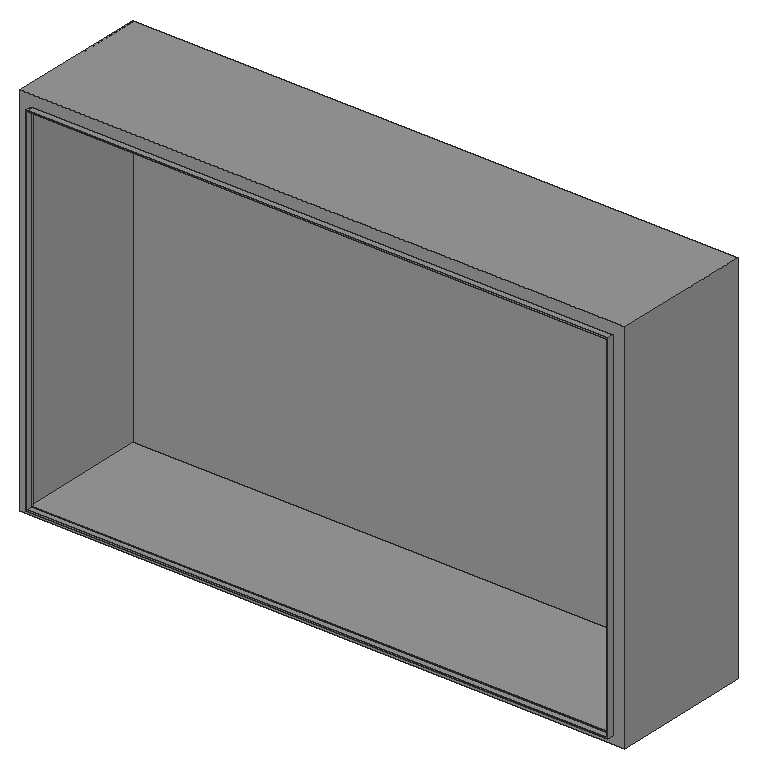
Revit family "Hager-Univers-IP30-D205-H500-Cl.II-Encl-NoHosted-CH-de", category Equipement électrique, Revit 2020
Family settings
  Configuration du panneau = Deux colonnes, circuits au sein
  Cote de connecteur circulaire = Utiliser le diamètre
  Type d'élément = Tableau de raccordement
  Basée sur le plan de construction = Oui
  Toujours verticalement = Oui
  Couper avec des vides une fois chargée = Non
  Partagée = Non
  Point de calcul de pièce = Non
Parameters (values of type "Aufputz IP30 B800 H500 T205  - FP33Q1S")
  Width Control [instance] = if([EF000008 - Breite] > Min Width, [EF000008 - Breite], Min Width)  # 800 mm
  Commentaires du type = [HG000003 - Bereich]  # "Univers"
  Thickness Door [instance] = if([EF009171 - Materialstärke Tür/Deckel] > 3 mm, 3 mm, [EF009171 - Materialstärke Tür/Deckel])  # 1 mm
  Seal Frame Offset [instance] = 17 mm  # constant formula
  Plinth Visibility [instance] = [HG000027 - Sockelhöhe] > 0 mm  # no
  Min Width [instance] = 100 mm  # constant formula
  Min Depth [instance] = (2 * [EF009170 - Materialstärke Gehäuse]) + 1 mm  # 3 mm
  Min Height [instance] = 100 mm  # constant formula
  Internal Frame Depth [instance] = (Door System Depth * 0.5)  # 9 mm
  Panel Name [instance] = ""  # (empty or 0)
  Model = ""
  HG000027 - Sockelhöhe = 0 mm
  HG000026 - Stehend auf dem Boden = no
  HG000024 - Höhe des unteren Teils = 600 mm
  HG000023 - Gehäuse mit doppeltem Querschnitt = no
  HG000016 - 3D-Türsichtbarkeit [instance] = yes
  HG000015 - Sichtbarkeit der Türöffnung [instance] = no
  HG000014 - Tür rechts [instance] = yes
  HG000013 - Tür links [instance] = not([HG000014 - Tür rechts])  # no
  HG000012 - Türschwenkwinkel [instance] = 30.00°
  HG000010 - Asymmetrische Türen = no
  HG000009 - Doppelflügeligen Tür = no
  HG000006 - Unterputz = no
  HG000004 - Herstellerreferenz = "FP33Q1S"
  HG000003 - Bereich = "Univers"
  HG000002 - Mit tür = no
  Frame Offset Bottom [instance] = 10 mm  # constant formula
  Frame Offset [instance] = 15 mm  # constant formula
  EF015940 - Deckel mit Überdruckentlastung = no
  EF011959 - Schutzart (NEMA) = ""
  EF009554 - Anzahl der Öffnungen für Flanschplatten = 6
  EF009212 - Ausführung Deckel = "EV009916 - mit Ausschnitt"
  EF009171 - Materialstärke Tür/Deckel = 1 mm
  EF009170 - Materialstärke Gehäuse = 1 mm
  EF008873 - Nennstrom (In) = 250 A
  EF007800 - Geeignet für Blitzschutz = no
  EF006306 - Mit Schloss = no
  EF006244 - Transparenter Deckel/Tür = no
  EF005474 - Schutzart (IP) = "EV006410 - IP30"
  EF004464 - Art der Tür = "EV000494 - ohne"
  EF004427 - Anzahl der Module = 108
  EF004293 - Schlagfestigkeit = "EV006813 - IK07"
  EF003532 - Geeignet für Außengebrauch = no
  EF002950 - Breite in Teilungseinheiten = 36
  EF001613 - Funktionserhalt = "EV000494 - ohne"
  EF001596 - Werkstoff des Gehäuses = "EV000179 - Stahl"
  EF001131 - Innentiefe = 130 mm
  EF001088 - Anbaumöglichkeit = yes
  EF000437 - Anzahl der Leitungseinführungen = 6
  EF000339 - Art der Abdeckung = "EV000494 - ohne"
  EF000266 - Anzahl der Reihen = 3
  EF000218 - Einbautiefe = 0 mm
  EF000118 - Mit Montageplatte = no
  EF000116 - RAL-Nummer = "9010"
  EF000049 - Tiefe = 205 mm
  EF000040 - Höhe = 500 mm
  EF000008 - Breite = 800 mm
  EF000007 - Farbe = "EV000202 - weiß"
  EF000003 - Montageart = "EV000384 - Aufputz"
  Door System Leaf Tolerance [instance] = 1.5 mm  # constant formula
  Door System Depth [instance] = 18 mm  # constant formula
  Door Height [instance] = Height Control - [HG000027 - Sockelhöhe]  # 500 mm
  Description = ""
  Default Elevation = 1219.2 mm
  Connector Offset [instance] = Height Control / 2  # 250 mm
  Fabricant = "Hager"  # constant formula
  Height Control [instance] = if([EF000040 - Höhe] > Min Height, [EF000040 - Höhe], Min Height)  # 500 mm
  Depth Control [instance] = if([EF000049 - Tiefe] > Min Depth, [EF000049 - Tiefe], Min Depth)  # 205 mm
  Bottom Top Plate Trim [instance] = 1.5 mm  # constant formula
  Plinth height Ctrl [instance] = if([HG000027 - Sockelhöhe] > 0 mm, [HG000027 - Sockelhöhe], 12 mm)  # 12 mm
Types (5, lengths in mm): name | Width Control | HG000004 - Herstellerreferenz | EF009554 - Anzahl der Öffnungen für Flanschplatten | EF004427 - Anzahl der Module | EF002950 - Breite in Teilungseinheiten | EF000437 - Anzahl der Leitungseinführungen | EF000008 - Breite
  Aufputz IP30 B1050 H500 T205  - FP34Q1S | 1050 | "FP34Q1S" | 8 | 144 | 48 | 8 | 1050
  Aufputz IP30 B1300 H500 T205  - FP35Q1S | 1300 | "FP35Q1S" | 10 | 180 | 60 | 10 | 1300
  Aufputz IP30 B300 H500 T205  - FP31Q1S | 300 | "FP31Q1S" | 2 | 36 | 12 | 2 | 300
  Aufputz IP30 B550 H500 T205  - FP32Q1S | 550 | "FP32Q1S" | 4 | 72 | 24 | 4 | 550
  Aufputz IP30 B800 H500 T205  - FP33Q1S | 800 | "FP33Q1S" | 6 | 108 | 36 | 6 | 800
Reference planes
  plane 1 "Center (Front/Back)": y = 0
  plane 2: z = 0
  plane 3 "Center (Left/Right)": x = 0
  plane 4: y = 0
  plane 5: y = 0
  plane 6: z = 0
  plane 7: x = -400
  plane 8: x = 400
  plane 9: x = 399
  plane 10: x = -399
  plane 11: z = 0
  plane 12: z = 1
  plane 13: y = -205
  plane 14: y = -1
  plane 15: x = 0
  plane 16: y = -187
  plane 17: y = -204
  plane 18: y = -186
  plane 19: x = -384
  plane 20: x = 384
  plane 21: z = 11
  plane 22: x = -383
  plane 23: x = 383
  plane 24: z = 0
  plane 25: z = 500
  plane 26: z = 500
  plane 27: z = 484
  plane 28: z = 499
Forms (mm)
  Extrusion 1, solid, material "Hager_Steel_RAL7035_Light_Grey", detail levels medium+fine
    sketch origin (-208.679, -4572, 0) x (-1, 0, 0) y (0, -1, 0)
      loop
        line (191.321, -4385) -> (-608.679, -4385) -> (-608.679, -4572) -> (191.321, -4572) -> (191.321, -4385)
    from 0 to 500
  Extrusion 2, void
    sketch origin (-350.771, -205, 1219.2) x (1, 0, 0) y (0, 0, 1)
      loop
        line (-48.229, -720.2) -> (-48.229, -1218.2) -> (749.771, -1218.2) -> (749.771, -720.2) -> (-48.229, -720.2)
    from -19 to -204
  Extrusion 3, void
    sketch origin (-290.084, -187, 1219.2) x (1, 0, 0) y (0, 0, 1)
      loop
        line (-93.916, -1208.2) -> (674.084, -1208.2) -> (674.084, -735.2) -> (-93.916, -735.2) -> (-93.916, -1208.2)
    from 0 to -1
  Extrusion 4, solid, material "Hager_Steel_RAL7035_Light_Grey", visible <- "Plinth Visibility", detail levels medium+fine
    sketch origin (0, 0, 0) x (1, 0, 0) y (0, 1, 0)
      loop
        line (-400, 0) -> (-400, -187) -> (400, -187) -> (400, 0) -> (-400, 0)
    from 0 to 12 <- "Plinth height Ctrl"
  Extrusion 5, solid, material "Hager_Steel_RAL7035_Light_Grey", detail levels coarse
    sketch origin (0, 0, 0) x (1, 0, 0) y (0, 1, 0)
      loop
        line (-400, 0) -> (-400, -205) -> (400, -205) -> (400, 0) -> (-400, 0)
    from 0 to 500 <- "Height Control"
  Sweep 6, void
    path in 3D
      loop
        line (-400, -187, 12) -> (400, -187, 12) -> (400, 0, 12) -> (-400, 0, 12) -> (-400, -187, 12)
    profile origin (-400, -93.5, 12) x (1, 0, 0) y (0, 0, 1)
      loop
        line (0, 0) -> (0, -1.5) -> (1.5, -1.5)
        arc (1.5, -1.5) -> (1.061, -0.439) -> (0, 0) r 1.5
  Extrusion 7, solid, material "Hager_Steel_RAL7035_Light_Grey", detail levels fine
    sketch origin (-400, -187, 0) x (1, 0, 0) y (0, 0, 1)
      loop
        line (16, 11) -> (784, 11) -> (784, 484) -> (16, 484) -> (16, 11)
      loop
        line (15, 10) -> (785, 10) -> (785, 485) -> (15, 485) -> (15, 10)
    from 0 to 9 <- "Internal Frame Depth"
Cuts and joins
  Extrusion 2, Extrusion 3 cuts Extrusion 1
  Sweep 6 cuts Extrusion 4
Lines and regions (mm)
  Masking region 1
    outline origin (0, 0, 0) x (1, 0, 0) y (0, 1, 0)
      loop
        line (-400, 0) -> (-400, -205) -> (400, -205) -> (400, 0) -> (-400, 0)
  Masking region 2, detail levels coarse
    outline origin (-290.084, -187, 1219.2) x (-1, 0, 0) y (0, 0, 1)
      loop
        line (-690.084, -1219.2) -> (109.916, -1219.2) -> (109.916, -719.2) -> (-690.084, -719.2) -> (-690.084, -1219.2)
  Masking region 3, detail levels coarse
    outline origin (0, 0, 0) x (0, 1, 0) y (0, 0, 1)
      loop
        line (0, 0) -> (0, 500) -> (-205, 500) -> (-205, 0) -> (0, 0)
  Masking region 4, visible <- "Plinth Visibility", detail levels medium+fine
    outline origin (0, 0, 0) x (0, 1, 0) y (0, 0, 1)
      loop
        line (-1.5, 12) -> (-185.5, 12)
        arc (-185.5, 12) -> (-185.939, 10.939) -> (-187, 10.5) r 1.5
        line (-187, 10.5) -> (-187, 0) -> (0, 0) -> (0, 10.5)
        arc (0, 10.5) -> (-1.061, 10.939) -> (-1.5, 12) r 1.5
  Masking region 5, detail levels medium+fine
    outline origin (0, 0, 594.038) x (0, 1, 0) y (0, 0, 1)
      loop
        line (0, -594.038) -> (0, -94.038) -> (-187, -94.038) -> (-187, -594.038) -> (0, -594.038)
  Masking region 6, detail levels medium+fine
    outline origin (-359.7, -187, 1211.883) x (-1, 0, 0) y (0, 0, 1)
      loop
        line (-759.7, -1211.883) -> (40.3, -1211.883) -> (40.3, -711.883) -> (-759.7, -711.883) -> (-759.7, -1211.883)
  Masking region 7, visible <- "Plinth Visibility", detail levels medium+fine
    outline origin (-320.334, -187, 1041.368) x (-1, 0, 0) y (0, 0, 1)
      loop
        line (-720.334, -1041.368) -> (79.666, -1041.368) -> (79.666, -1030.868)
        arc (79.666, -1030.868) -> (78.606, -1030.429) -> (78.166, -1029.368) r 1.5
        line (78.166, -1029.368) -> (-718.834, -1029.368)
        arc (-718.834, -1029.368) -> (-719.273, -1030.429) -> (-720.334, -1030.868) r 1.5
        line (-720.334, -1030.868) -> (-720.334, -1041.368)
  sketch lines
    curve 1: line (-400, 0, 12) -> (-400, -187, 12)
    curve 2: line (-400, -187, 12) -> (400, -187, 12)
    curve 3: line (400, 0, 12) -> (-400, 0, 12)
    curve 4: line (400, -187, 12) -> (400, 0, 12)
Dimensions and locks
  locked: plane 1 "Center (Front/Back)" to plane 5
  "EF009170 - Materialstärke Gehäuse": plane 7 to plane 10
  "EF009170 - Materialstärke Gehäuse": plane 8 to plane 9
  equal spacing: plane 7, plane 3 "Center (Left/Right)", plane 8
  "Width Control": plane 7 to plane 8
  "Depth Control": plane 4 to plane 13
  "EF009170 - Materialstärke Gehäuse": plane 4 to plane 14
  "Height Control": plane 25 to level
  "HG000027 - Sockelhöhe": plane 11 to level
  "EF009170 - Materialstärke Gehäuse": plane 12 to plane 11
  "EF009170 - Materialstärke Gehäuse": plane 17 to plane 13
  "EF009170 - Materialstärke Gehäuse": plane 18 to plane 16
  "Frame Offset Bottom": plane 21 to plane 12
  "Frame Offset": plane 10 to plane 19
  "Frame Offset": plane 9 to plane 20
  "Door System Depth": plane 16 to plane 13
  "Seal Frame Offset": plane 7 to plane 22
  "Seal Frame Offset": plane 8 to plane 23
  "EF009170 - Materialstärke Gehäuse": plane 26 to plane 28
  "Frame Offset": plane 28 to plane 27
  "Connector Offset": plane 2 to connector elem
  "Bottom Top Plate Trim": profile plane to Sweep 6 sketch curve
  "Bottom Top Plate Trim": Sweep 6 sketch curve to Sweep 6 sketch curve
  "Plinth height Ctrl": Masking region 4 sketch curve to level
  "Plinth height Ctrl": Masking region 7 sketch curve to level
  "Thickness Door": Extrusion 7 sketch curve to Extrusion 7 sketch curve  (x4)
  "Bottom Top Plate Trim": radius of Sweep 6 sketch curve
  "Bottom Top Plate Trim": radius of Masking region 4 sketch curve  (x2)
  "Bottom Top Plate Trim": radius of Masking region 7 sketch curve  (x2)
  aligned and locked: Extrusion 2 sketch curve to plane 12
  aligned and locked: Extrusion 2 sketch curve to plane 9
  aligned and locked: Extrusion 2 sketch curve to plane 10
  aligned and locked: Extrusion 2 to plane 14
  aligned and locked: Extrusion 1 sketch curve to plane 4
  aligned and locked: plane 8 to Extrusion 1 sketch curve
  aligned and locked: plane 7 to Extrusion 1 sketch curve
  aligned and locked: Extrusion 2 to plane 18
  aligned and locked: plane 19 to Extrusion 3 sketch curve
  aligned and locked: plane 20 to Extrusion 3 sketch curve
  aligned and locked: Extrusion 3 to Extrusion 2
  aligned and locked: Extrusion 3 sketch curve to plane 21
  aligned and locked: plane 3 "Center (Left/Right)" to nested 1
  aligned and locked: Extrusion 1 sketch curve to plane 16
  aligned and locked: Extrusion 4 sketch curve to cut or joined group of Extrusion 1, Extrusion 2, Extrusion 3
  aligned and locked: Masking region 1 sketch curve to plane 7
  aligned and locked: Masking region 1 sketch curve to plane 5
  aligned and locked: Masking region 1 sketch curve to plane 8
  aligned and locked: Masking region 2 sketch curve to level
  aligned and locked: level to Masking region 3 sketch curve
  aligned and locked: plane 1 "Center (Front/Back)" to Masking region 3 sketch curve
  aligned and locked: plane 13 to Masking region 3 sketch curve
  aligned and locked: plane 5 to Masking region 4 sketch curve
  aligned and locked: Masking region 2 sketch curve to plane 8
  aligned and locked: Masking region 2 sketch curve to plane 7
  aligned and locked: plane 7 to nested 2
  aligned and locked: nested 2 to plane 5
  aligned and locked: plane 5 to Masking region 5 sketch curve
  aligned and locked: plane 26 to Masking region 5 sketch curve
  aligned and locked: Extrusion 5 sketch curve to plane 8
  aligned and locked: Extrusion 5 sketch curve to plane 7
  aligned and locked: Extrusion 5 sketch curve to plane 5
  aligned and locked: Extrusion 3 sketch curve to plane 27
  aligned and locked: Extrusion 2 sketch curve to plane 28
  aligned and locked: Masking region 2 to plane 25
  aligned and locked: Extrusion 4 to plane 16
  aligned and locked: profile plane to Sweep 6 sketch curve
  aligned and locked: Masking region 5 sketch curve to plane 24
  aligned and locked: level to Masking region 4 sketch curve
  aligned and locked: Masking region 1 to plane 13
  aligned and locked: nested 1 to plane 16
  aligned and locked: Masking region 3 to plane 25
  aligned and locked: plane 16 to Masking region 4 sketch curve
  aligned and locked: Masking region 5 sketch curve to plane 16
  aligned and locked: plane 24 to plane 11
  aligned and locked: plane 26 to plane 25
  aligned and locked: plane 26 to cut or joined group of Extrusion 1, Extrusion 2, Extrusion 3
  aligned and locked: nested 1 to plane 24
  aligned and locked: Extrusion 1 to Extrusion 3
  aligned and locked: Masking region 6 sketch curve to plane 8
  aligned and locked: Masking region 6 sketch curve to plane 24
  aligned and locked: Masking region 6 sketch curve to plane 7
  aligned and locked: Masking region 6 sketch curve to plane 26
  aligned and locked: Masking region 7 sketch curve to plane 7
  aligned and locked: level to Masking region 7 sketch curve
  aligned and locked: Masking region 7 sketch curve to plane 8
  aligned and locked: Extrusion 7 sketch curve to cut or joined group of Extrusion 1, Extrusion 2, Extrusion 3  (x4)
Automatic sketch dimensions
  plane 19 to Extrusion 3 sketch curve = 0 mm
  Extrusion 3 sketch curve to plane 20 = 0 mm
  Extrusion 3 sketch curve to plane 21 = 0 mm
  Extrusion 4 sketch curve to plane 7 = 0 mm
  Extrusion 4 sketch curve to plane 8 = 0 mm
  Extrusion 4 sketch curve to plane 16 = 0 mm
  Masking region 1 sketch curve to plane 13 = 0 mm
  Masking region 2 sketch curve to plane 25 = 0 mm
  Masking region 3 sketch curve to plane 25 = 0 mm
  Extrusion 5 sketch curve to plane 13 = 0 mm
  profile plane to Sweep 6 sketch curve = 0 mm
Nested families
  nested 1: "EC000058_Univers_Door" at (0, -187, 0), Double <- "HG000009 - Doppelflügeligen Tür", Transparent <- "EF006244 - Transparenter Deckel/Tür", Angle <- "HG000012 - Türschwenkwinkel", Door_Right <- "HG000014 - Tür rechts", Assymetrical <- "HG000010 - Asymmetrische Türen", Door <- "HG000002 - Mit tür", Width_Ctrl <- "Width Control", 3d_Door <- "HG000016 - 3D-Türsichtbarkeit", Clearance <- "HG000015 - Sichtbarkeit der Türöffnung", Door_Left <- "HG000013 - Tür links", Width <- "Width Control", Door_Depth <- "Door System Depth", Leaf_Tolerance <- "Door System Leaf Tolerance", Height <- "Door Height", Lock_Visibility <- "EF006306 - Mit Schloss", Thickness <- "Thickness Door", type "EC000058_Univers_Door", detail levels medium+fine
    with min_wh 3 mm, Width_Ctrl 800 mm, Width 800 mm, Transparent no, Thickness 1 mm, Seal_Material Hager_Rubber, Lock_Visibility no, Lock_Material Hager_Plastic_RAL9005_Jet_Black, Leaf_Width 800 mm, Leaf_Tolerance_External_Sides 0 mm, Leaf_Tolerance 1.5 mm, Leaf_Offset 0 mm, Leaf_Height 497 mm, Leaf_2_Width 800 mm, Leaf_2_Offset 400 mm, Leaf_1_Width 800 mm, Leaf_1_Offset 400 mm, Height_Ctrl 500 mm, Height 500 mm, Glass_Material Hager_Glass, Double_Clearance_Ctrl no, Double no, Door_Right_Ctrl no, Door_Right yes, Door_Material Hager_Steel_RAL7035_Light_Grey, Door_Left_Ctrl no, Door_Left no, Door_Depth 18 mm, Door no, Clearance_Material Hager_Clearance, Clearance_Depth 800 mm, Clearance_Ctrl no, Clearance no, Assymetrical no, Angle 30.00°, 3d_Door yes
  nested 2: "Hager_Enclosure_Symbol" at (-400, 0, 0), Height <- "Depth Control", Width <- "Width Control", type "Hager_Enclosure_Symbol"
    with Width_Ctrl 800 mm, Width 800 mm, Height_Ctrl 205 mm, Height 205 mm, A_Width_Int 13.453 mm, A_Width 161.438 mm, A_Height_Ctrl 179.375 mm, A_Height 179.375 mm
Connectors
  electrical at (0, 0, 250)
    settings: on plane 1 "Center (Front/Back)", index 1, voltage 0 V, apparent load 0 VA, apparent load phase1 0 VA, apparent load phase2 0 VA, apparent load phase3 0 VA, power factor 1, load classification "Other", number of poles 1, system type 30, power factor state 1, is connector primary yes, connector utility no, sub classification motor no, connector description ""
Definition of nested family "EC000058_Univers_Door"
  Parameters (values of type "EC000058_Univers_Door")
    min_wh [instance] = (2 * Thickness) + 1 mm  # 11 mm
    Width_Ctrl [instance] = 400 mm
    Width [instance] = 500 mm
    Transparent [instance] = yes
    Thickness [instance] = 5 mm
    Seal_Material [instance] = none
    Lock_Visibility [instance] = yes
    Lock_Material [instance] = none
    Leaf_Width [instance] = if((Width_Ctrl - 2 * Leaf_Tolerance_External_Sides) > 0 mm, (Width_Ctrl - 2 * Leaf_Tolerance_External_Sides), min_wh)  # 400 mm
    Leaf_Tolerance_External_Sides [instance] = 0 mm  # constant formula
    Leaf_Tolerance [instance] = 1.5 mm
    Leaf_Offset [instance] = 0 mm  # constant formula
    Leaf_Height [instance] = if((Height_Ctrl - 2 * Leaf_Tolerance) > 0 mm, (Height_Ctrl - 2 * Leaf_Tolerance), min_wh)  # 497 mm
    Leaf_2_Width [instance] = if(and(and(Double, Assymetrical), Door_Left), (Leaf_Width / 3) - (Leaf_Tolerance / 2), if(and(and(Double, Assymetrical), Door_Right), (Leaf_Width / 3) * 2 - (Leaf_Tolerance / 2), if(and(Double, not(Assymetrical)), (Leaf_Width / 2) - Leaf_Tolerance, Leaf_Width)))  # 400 mm
    Leaf_2_Offset [instance] = if(and(Double, Assymetrical), Leaf_2_Width / 2, if(and(Double, not(Assymetrical)), Leaf_Width / 4, Leaf_Width / 2))  # 200 mm
    Leaf_1_Width [instance] = if(and(and(Double, Assymetrical), Door_Right), (Leaf_Width / 3) - (Leaf_Tolerance / 2), if(and(and(Double, Assymetrical), Door_Left), (Width / 3) * 2 - (Leaf_Tolerance / 2), if(and(Double, not(Assymetrical)), (Leaf_Width / 2) - Leaf_Tolerance, Leaf_Width)))  # 400 mm
    Leaf_1_Offset [instance] = if(and(Double, Assymetrical), Leaf_1_Width / 2, if(and(Double, not(Assymetrical)), Leaf_Width / 4, Leaf_Width / 2))  # 200 mm
    Height_Ctrl [instance] = if(Height > min_wh, Height, min_wh)  # 500 mm
    Height [instance] = 500 mm
    Glass_Material [instance] = none
    Double_Clearance_Ctrl [instance] = and(Double, Clearance)  # no
    Double [instance] = no
    Door_Right_Ctrl [instance] = and(or(Door_Right, Double), Door)  # yes
    Door_Right [instance] = yes
    Door_Material [instance] = none
    Door_Left_Ctrl [instance] = and(or(Door_Left, Double), Door)  # no
    Door_Left [instance] = no
    Door_Depth [instance] = 30 mm
    Door [instance] = yes
    Default Elevation = 1219.2 mm
    Clearance_Material [instance] = none
    Clearance_Depth [instance] = if(Leaf_1_Width > Leaf_2_Width, Leaf_1_Width, Leaf_2_Width)  # 400 mm
    Clearance_Ctrl [instance] = and(not(Double), Clearance)  # yes
    Clearance [instance] = yes
    Assymetrical [instance] = yes
    Angle [instance] = 30.00°
    3d_Door [instance] = yes
  Reference planes
    plane 1 "Center (Front/Back)": y = 0
    plane 2 "Bottom": z = 0
    plane 3 "Center (Left/Right)": x = 0
    plane 4: z = 500
    plane 5: x = -200
    plane 6: x = 200
    plane 7: z = 500
    plane 8: x = -200
    plane 9: z = 0
    plane 10: x = 200
    plane 11: y = 0
    plane 12: z = 1.5
    plane 13: x = -600
    plane 14: y = -400
    plane 15: x = 600
    plane 16: x = 0
    plane 17: x = 0
    plane 18: x = -200
    plane 19: x = 200
    plane 20: z = 498.5
  Forms (mm)
    Extrusion 1, solid, material <- "Clearance_Material", visible <- "Double_Clearance_Ctrl"
      sketch origin (1200, 0, 0) x (1, 0, 0) y (0, 0, -1)
        loop
          line (-1800, -498.5) -> (-600, -498.5) -> (-600, 0) -> (-1800, 0) -> (-1800, -498.5)
      from 0 to -400
  Dimensions and locks
    equal spacing: plane 5, plane 3 "Center (Left/Right)", plane 6
    "Width_Ctrl": plane 5 to plane 6
    "Leaf_Offset": plane 5 to plane 8
    "Leaf_Offset": plane 6 to plane 10
    "Leaf_Offset": plane 9 to level
    "Leaf_Offset": plane 4 to plane 7
    "Height_Ctrl": plane 4 to level
    "Leaf_Tolerance": plane 12 to plane 9
    locked: plane 11 to plane 1 "Center (Front/Back)"
    "Leaf_1_Offset": plane 18 to plane 16
    "Leaf_2_Offset": plane 17 to plane 19
    "Leaf_1_Width": plane 13 to plane 8
    "Leaf_2_Width": plane 10 to plane 15
    "Clearance_Depth": plane 14 to plane 1 "Center (Front/Back)"
    "Leaf_Tolerance_External_Sides": plane 8 to plane 18
    "Leaf_Tolerance_External_Sides": plane 19 to plane 10
    "Leaf_Tolerance": plane 7 to plane 20
    aligned and locked: level to plane 2 "Bottom"
    aligned and locked: nested 1 to plane 16
    aligned and locked: nested 2 to plane 17
    aligned and locked: Extrusion 1 to plane 13
    aligned and locked: plane 15 to Extrusion 1
    aligned and locked: Extrusion 1 to plane 14
    aligned and locked: plane 12 to nested 1
    aligned and locked: nested 2 to plane 12
    aligned and locked: Extrusion 1 to plane 11
    aligned and locked: plane 20 to Extrusion 1
    aligned and locked: nested 2 to plane 11
    aligned and locked: nested 1 to plane 11
  Automatic sketch dimensions
    Extrusion 1 sketch curve to level = 0 mm
    plane 5 to Extrusion 1 sketch curve = 400 mm
    plane 6 to Extrusion 1 sketch curve = 400 mm
    Extrusion 1 sketch curve to plane 4 = 1.5 mm
  Nested families
    nested 1: "EC000058_Univers_Door_Leaf" at (0, 0, 1.5), Width <- "Leaf_1_Width", visible <- "Door_Left_Ctrl", Leaf_Height <- "Leaf_Height", Angle <- "Angle", 3d_Door <- "3d_Door", Transparent <- "Transparent", Clearance Material <- "Clearance_Material", Clearance <- "Clearance_Ctrl", Door_Material <- "Door_Material", Glass_Material <- "Glass_Material", Door_Depth <- "Door_Depth", Lock_Material <- "Lock_Material", Seal_Material <- "Seal_Material", Lock_Visibility <- "Lock_Visibility", Thickness <- "Thickness", type "EC000058_Univers_Door_Leaf"
      with Width 400 mm, Transparent_Glass_Offset 30 mm, Transparent_Ctrl yes, Transparent yes, Thickness 5 mm, Standard no, Seal_Material none, Seal_D2 8 mm, Seal_D1 1 mm, Offset_Internal_Frame 10 mm, Lock_Width 20 mm, Lock_Visibility_3d yes, Lock_Visibility yes, Lock_Thickness_3 3 mm, Lock_Thickness_2 1 mm, Lock_Thickness_1 3 mm, Lock_Radius_Offset_2 16 mm, Lock_Radius_Offset_1 15 mm, Lock_Radius_2 5 mm, Lock_Radius 6 mm, Lock_Offset 5 mm, Lock_Material none, Lock_Height 80 mm, Lock_Cover_Top_Offset_2d 17 mm, Lock_Cover_Height -65 mm, Leaf_Height 497 mm, Internal_Seal_Thickness 8 mm, Internal_Seal_Depth_2 4.5 mm, Internal_Frame_Depth 25 mm, Glass_Thickness -1 mm, Glass_Offset -2 mm, Glass_Material none, Door_Material none, Door_Depth 30 mm, Clearance Material none, Clearance yes, Angle_Ctrl 30.00°, Angle 30.00°, 3d_Door yes
    nested 2: "EC000058_Univers_Door_Leaf" at (0, 0, 1.5) x (-1, 0, 0) z (0, 0, 1), Width <- "Leaf_2_Width", visible <- "Door_Right_Ctrl", Leaf_Height <- "Leaf_Height", Angle <- "Angle", 3d_Door <- "3d_Door", Transparent <- "Transparent", Clearance Material <- "Clearance_Material", Clearance <- "Clearance_Ctrl", Door_Material <- "Door_Material", Glass_Material <- "Glass_Material", Door_Depth <- "Door_Depth", Lock_Material <- "Lock_Material", Seal_Material <- "Seal_Material", Lock_Visibility <- "Lock_Visibility", Thickness <- "Thickness", type "EC000058_Univers_Door_Leaf"
      with Width 400 mm, Transparent_Glass_Offset 30 mm, Transparent_Ctrl yes, Transparent yes, Thickness 5 mm, Standard no, Seal_Material none, Seal_D2 8 mm, Seal_D1 1 mm, Offset_Internal_Frame 10 mm, Lock_Width 20 mm, Lock_Visibility_3d yes, Lock_Visibility yes, Lock_Thickness_3 3 mm, Lock_Thickness_2 1 mm, Lock_Thickness_1 3 mm, Lock_Radius_Offset_2 16 mm, Lock_Radius_Offset_1 15 mm, Lock_Radius_2 5 mm, Lock_Radius 6 mm, Lock_Offset 5 mm, Lock_Material none, Lock_Height 80 mm, Lock_Cover_Top_Offset_2d 17 mm, Lock_Cover_Height -65 mm, Leaf_Height 497 mm, Internal_Seal_Thickness 8 mm, Internal_Seal_Depth_2 4.5 mm, Internal_Frame_Depth 25 mm, Glass_Thickness -1 mm, Glass_Offset -2 mm, Glass_Material none, Door_Material none, Door_Depth 30 mm, Clearance Material none, Clearance yes, Angle_Ctrl 30.00°, Angle 30.00°, 3d_Door yes
  Definition of nested family "EC000058_Univers_Door_Leaf"
    Parameters (values of type "EC000058_Univers_Door_Leaf")
      Width [instance] = 2000 mm
      Transparent_Glass_Offset [instance] = 30 mm
      Transparent_Ctrl [instance] = and(Transparent, [3d_Door])  # yes
      Transparent [instance] = yes
      Thickness [instance] = 5 mm
      Standard [instance] = and(not(Transparent), [3d_Door])  # no
      Seal_Material [instance] = none
      Seal_D2 [instance] = 8 mm  # constant formula
      Seal_D1 [instance] = 1 mm  # constant formula
      Offset_Internal_Frame [instance] = 10 mm  # constant formula
      Lock_Width [instance] = 20 mm  # constant formula
      Lock_Visibility_3d [instance] = and(Lock_Visibility, [3d_Door])  # yes
      Lock_Visibility [instance] = yes
      Lock_Thickness_3 [instance] = 3 mm  # constant formula
      Lock_Thickness_2 [instance] = 1 mm  # constant formula
      Lock_Thickness_1 [instance] = 3 mm  # constant formula
      Lock_Radius_Offset_2 [instance] = Lock_Radius_Offset_1 + 1 mm  # 16 mm
      Lock_Radius_Offset_1 [instance] = 15 mm  # constant formula
      Lock_Radius_2 [instance] = Lock_Radius - 1 mm  # 5 mm
      Lock_Radius [instance] = 6 mm  # constant formula
      Lock_Offset [instance] = 5 mm  # constant formula
      Lock_Material [instance] = none
      Lock_Height [instance] = 80 mm  # constant formula
      Lock_Cover_Top_Offset_2d [instance] = Lock_Radius_Offset_2 + 1 mm  # 17 mm
      Lock_Cover_Height [instance] = -(Lock_Height - Lock_Radius_Offset_1)  # -65 mm
      Leaf_Height [instance] = 2720.336 mm
      Internal_Seal_Thickness [instance] = 8 mm  # constant formula
      Internal_Seal_Depth_2 [instance] = 4.5 mm  # constant formula
      Internal_Frame_Depth [instance] = if(Door_Depth - Thickness > 5 mm, Door_Depth - Thickness, 5 mm)  # 25 mm
      Glass_Thickness [instance] = if(Thickness > 15 mm, Glass_Offset + 10 mm, -1 mm)  # -1 mm
      Glass_Offset [instance] = if(Thickness > 15 mm, -(Thickness + 10 mm) / 2, -2 mm)  # -2 mm
      Glass_Material [instance] = none
      Door_Material [instance] = none
      Door_Depth [instance] = 30 mm
      Default Elevation = 0 mm
      Clearance Material [instance] = none
      Clearance [instance] = yes
      Angle_Ctrl [instance] = if(Angle > 180.00°, 180.00°, Angle)  # 90.00°
      Angle [instance] = 90.00°
      3d_Door [instance] = yes
    Reference planes
      plane 1 "Center (Front/Back)": y = 0
      plane 2: z = 0
      plane 3 "Center (Left/Right)": x = 0
      plane 4: y = 2000
      plane 5: x = -1000
      plane 6: x = 1000
      plane 7: x = -3000
      plane 8: z = 2720.336
      plane 9: z = 30
      plane 10: z = 2690.336
      plane 11: x = 970
      plane 12: x = -970
      plane 13: y = -3
      plane 14: z = 107.833
      plane 15: y = -5
      plane 16: y = -223.314
      plane 17: x = -1000
      plane 18: z = 1360.168
      plane 19: y = 30
    Forms (mm)
      Extrusion 1, solid, material <- "Clearance Material", visible <- "Clearance"
        sketch origin (0, 0, 0) x (1, 0, 0) y (0, 0, 1)
          loop
            line (-3000, 2720.336) -> (-3000, 0) -> (1000, 0) -> (1000, 2720.336) -> (-3000, 2720.336)
        from 0 to -2000
      Extrusion 2, solid, material <- "Door_Material", visible <- "Standard", detail levels medium+fine
        sketch origin (-1000, 0, 0) x (0, 1, 0) y (-1, 0, 0)
          loop
            line (0, 30) -> (0, 25) -> (2000, 25) -> (2000, 30) -> (0, 30)
        from 0 to 2720.336 <- "Leaf_Height"
      Extrusion 3, solid, material <- "Door_Material", visible <- "Transparent_Ctrl", detail levels medium+fine
        sketch origin (-1000, 0, 0) x (0, 1, 0) y (-1, 0, 0)
          loop
            line (0, 25) -> (2000, 25) -> (2000, 30) -> (0, 30) -> (0, 25)
        from 0 to 2720.336 <- "Leaf_Height"
      Extrusion 4, void
        sketch origin (-1025, 2000, 0) x (0, 1, 0) y (0, 0, -1)
          loop
            line (-30, -2690.336) -> (-30, -30) -> (-1970, -30) -> (-1970, -2690.336) -> (-30, -2690.336)
        from 0 to 5 <- "Thickness"
      Sweep 5, solid, material <- "Seal_Material", visible <- "Transparent_Ctrl", detail levels fine
        path in 3D
          loop
            line (-1025, 30, 30) -> (-1025, 30, 2690.336) -> (-1025, 1970, 2690.336) -> (-1025, 1970, 30) -> (-1025, 30, 30)
        profile origin (-1025, 1000, 30) x (1, 0, 0) y (0, 0, 1)
          loop
            line (0, 0) -> (0, -8) -> (1, -8) -> (1, 0) -> (0, 0)
      Extrusion 6, solid, material <- "Glass_Material", visible <- "Transparent_Ctrl", detail levels medium+fine
        sketch origin (-1030, 0, 0) x (0, 1, 0) y (0, 0, -1)
          loop
            line (1970, -2690.336) -> (1970, -30) -> (30, -30) -> (30, -2690.336) -> (1970, -2690.336)
        from -2 <- "Glass_Offset" to -1 <- "Glass_Thickness"
      Extrusion 7, solid, material <- "Door_Material", visible <- "3d_Door", detail levels medium+fine
        sketch origin (-1025, 2000, 0) x (0, -1, 0) y (0, 0, -1)
          loop
            line (0, -2720.336) -> (2000, -2720.336) -> (2000, 0) -> (0, 0) -> (0, -2720.336)
          loop
            line (1995, -5) -> (5, -5) -> (5, -2715.336) -> (1995, -2715.336) -> (1995, -5)
        from 0 to 25 <- "Internal_Frame_Depth"
      Sweep 8, solid, material <- "Seal_Material", visible <- "Transparent_Ctrl", detail levels fine
        path in 3D
          loop
            line (-1025, 0, 0) -> (-1025, 2000, 0) -> (-1025, 2000, 2720.336) -> (-1025, 0, 2720.336) -> (-1025, 0, 0)
        profile origin (-1025, 0, 1360.168) x (1, 0, 0) y (0, 1, 0)
          loop
            line (0, 10) -> (2.975, 10)
            arc (2.975, 10) -> (4.053, 10.447) -> (4.5, 11.525) r 1.525
            line (4.5, 11.525) -> (4.5, 16.527)
            arc (4.5, 16.527) -> (4.069, 17.569) -> (3.027, 18) r 1.473
            line (3.027, 18) -> (0, 18) -> (0, 10)
      Extrusion 9, solid, material <- "Lock_Material", visible <- "Lock_Visibility_3d", detail levels fine
        sketch origin (-1030, 0, 0) x (0, 1, 0) y (0, 0, -1)
          loop
            arc (1993.5, -1400.168) -> (1994.561, -1399.729) -> (1995, -1398.668) r 1.5
            line (1995, -1398.668) -> (1995, -1320.168) -> (1975, -1320.168) -> (1975, -1398.668)
            arc (1975, -1398.668) -> (1975.439, -1399.729) -> (1976.5, -1400.168) r 1.5
            line (1976.5, -1400.168) -> (1993.5, -1400.168)
        from 3 <- "Lock_Thickness_1" to 0
      Blend 10, solid, material <- "Lock_Material", visible <- "Lock_Visibility_3d", detail levels fine
        base sketch origin (-1033, 0, 0) x (0, 1, 0) y (0, 0, -1)
          loop
            line (1975, -1320.168) -> (1975, -1398.668)
            arc (1975, -1398.668) -> (1975.439, -1399.729) -> (1976.5, -1400.168) r 1.5
            line (1976.5, -1400.168) -> (1993.5, -1400.168)
            arc (1993.5, -1400.168) -> (1994.561, -1399.729) -> (1995, -1398.668) r 1.5
            line (1995, -1398.668) -> (1995, -1320.168) -> (1975, -1320.168)
        top sketch origin (-1033, 0, 0) x (0, 1, 0) y (0, 0, -1)
          loop
            line (1976, -1320.168) -> (1976, -1398.668)
            arc (1976, -1398.668) -> (1976.146, -1399.022) -> (1976.5, -1399.168) r 0.5
            line (1976.5, -1399.168) -> (1993.5, -1399.168)
            arc (1993.5, -1399.168) -> (1993.854, -1399.022) -> (1994, -1398.668) r 0.5
            line (1994, -1398.668) -> (1994, -1320.168) -> (1976, -1320.168)
        from 0 to 1 <- "Lock_Thickness_2"
      Blend 11, solid, material <- "Lock_Material", visible <- "Lock_Visibility_3d", detail levels fine
        base sketch origin (-1034, 0, 0) x (0, 1, 0) y (0, 0, -1)
          loop
            line (1978, -1320.168) -> (1978, -1384.168)
            arc (1978, -1384.168) -> (1985, -1391.168) -> (1992, -1384.168) r 7
            line (1992, -1384.168) -> (1992, -1320.168) -> (1978, -1320.168)
        top sketch origin (-1034, 0, 0) x (0, 1, 0) y (0, 0, -1)
          loop
            line (1991, -1320.168) -> (1979, -1320.168) -> (1979, -1383.168)
            arc (1979, -1383.168) -> (1985, -1389.168) -> (1991, -1383.168) r 6
            line (1991, -1383.168) -> (1991, -1320.168)
        from 0 to 3 <- "Lock_Thickness_3"
      Extrusion 12, solid, material <- "Lock_Material", visible <- "Lock_Visibility_3d", detail levels fine
        sketch origin (-1030, 1975, 1320.168) x (1, 0, 0) y (0, -1, 0)
          loop
            line (-7, -19) -> (-7, -1) -> (0, -1) -> (0, 0) -> (-8, 0) -> (-8, -20) -> (0, -20) -> (0, -19) -> (-7, -19)
        from 0 to -65 <- "Lock_Cover_Height"
      Extrusion 13, void
        sketch origin (-1038, 1995, 1320.168) x (-1, 0, 0) y (0, 0, -1)
          loop
            line (-5, -65) -> (0, -65) -> (-5, -60) -> (-5, -65)
        from 0 to 20 <- "Lock_Width"
      Extrusion 14, void
        sketch origin (-1038, 1975, 1320.168) x (0, -1, 0) y (0, 0, -1)
          loop
            circle (-10, -15.995) r 6
          loop
            circle (-10, -15.995) r 5
        from 0 to 2
      Extrusion 15, solid, material <- "Lock_Material", visible <- "Lock_Visibility_3d", detail levels medium
        sketch origin (-1030, 0, 0) x (0, 1, 0) y (0, 0, -1)
          loop
            arc (1993.5, -1400.168) -> (1994.561, -1399.729) -> (1995, -1398.668) r 1.5
            line (1995, -1398.668) -> (1995, -1320.168) -> (1975, -1320.168) -> (1975, -1398.668)
            arc (1975, -1398.668) -> (1975.439, -1399.729) -> (1976.5, -1400.168) r 1.5
            line (1976.5, -1400.168) -> (1993.5, -1400.168)
        from 8 to 0
    Cuts and joins
      Extrusion 4 cuts Extrusion 3
      Extrusion 13, Extrusion 14 cuts Extrusion 9
      Extrusion 14 cuts Blend 11
      Extrusion 13, Extrusion 14 cuts Extrusion 12
      joined: Extrusion 9, Blend 10, Blend 11, Extrusion 12
      Extrusion 14 cuts Extrusion 15
    Lines and regions (mm)
      Masking region 1, visible <- "Lock_Visibility", detail levels fine
        outline origin (0, 0, 0) x (0, 1, 0) y (0, 0, 1)
          loop
            line (30, 1320.168) -> (33, 1320.168) -> (33, 1400.168) -> (30, 1400.168) -> (30, 1320.168)
      Masking region 2, visible <- "Lock_Visibility", detail levels fine
        outline origin (0, 3.143, 0) x (0, 1, 0) y (0, 0, 1)
          loop
            line (29.857, 1354.168) -> (30.857, 1354.168) -> (30.857, 1366.168) -> (29.857, 1366.168) -> (29.857, 1354.168)
      Masking region 3, detail levels medium+fine
        outline origin (0, 0, 0) x (0, 1, 0) y (0, 0, 1)
          loop
            line (0, 0) -> (30, 0) -> (30, 2720.336) -> (0, 2720.336) -> (0, 0)
      Masking region 4, detail levels medium+fine
        outline origin (0, 0, 0) x (1, 0, 0) y (0, 0, 1)
          loop
            line (-1000, 2720.336) -> (-1000, 0) -> (1000, 0) -> (1000, 2720.336) -> (-1000, 2720.336)
      Masking region 5, visible <- "Lock_Visibility", detail levels fine
        outline origin (-47.116, 0, 0) x (1, 0, 0) y (0, 0, 1)
          loop
            arc (1024.616, 1399.168) -> (1023.556, 1398.729) -> (1023.116, 1397.668) r 1.5
            line (1023.116, 1397.668) -> (1023.116, 1320.168) -> (1041.116, 1320.168) -> (1041.116, 1397.668)
            arc (1041.116, 1397.668) -> (1040.677, 1398.729) -> (1039.616, 1399.168) r 1.5
            line (1039.616, 1399.168) -> (1024.616, 1399.168)
      Masking region 6, visible <- "Lock_Visibility", detail levels medium+fine
        outline origin (-25, 0, 0) x (1, 0, 0) y (0, 0, 1)
          loop
            arc (1001.5, 1400.168) -> (1000.439, 1399.729) -> (1000, 1398.668) r 1.5
            line (1000, 1398.668) -> (1000, 1320.168) -> (1020, 1320.168) -> (1020, 1398.668)
            arc (1020, 1398.668) -> (1019.561, 1399.729) -> (1018.5, 1400.168) r 1.5
            line (1018.5, 1400.168) -> (1001.5, 1400.168)
      Masking region 7, visible <- "Lock_Visibility", detail levels fine
        outline origin (-73.735, 0, 0) x (1, 0, 0) y (0, 0, 1)
          loop
            line (1051.735, 1382.168) -> (1065.735, 1382.168) -> (1065.735, 1384.168)
            arc (1065.735, 1384.168) -> (1058.735, 1391.168) -> (1051.735, 1384.168) r 7
            line (1051.735, 1384.168) -> (1051.735, 1382.168)
      Masking region 8, visible <- "Lock_Visibility", detail levels fine
        outline origin (-73.735, 0, 0) x (1, 0, 0) y (0, 0, 1)
          loop
            line (1052.735, 1382.168) -> (1064.735, 1382.168) -> (1064.735, 1383.168)
            arc (1064.735, 1383.168) -> (1058.735, 1389.168) -> (1052.735, 1383.168) r 6
            line (1052.735, 1383.168) -> (1052.735, 1382.168)
      Masking region 9, visible <- "Lock_Visibility", detail levels fine
        outline origin (-25, 0, 0) x (1, 0, 0) y (0, 0, 1)
          loop
            line (1020, 1320.168) -> (1020, 1382.168) -> (1000, 1382.168) -> (1000, 1320.168) -> (1020, 1320.168)
      Masking region 10, detail levels medium+fine
        outline origin (0, 0, 0) x (1, 0, 0) y (0, 0, 1)
          loop
            circle (985, 1335.144) r 6
      Masking region 11, detail levels fine
        outline origin (0, 0, 0) x (1, 0, 0) y (0, 0, 1)
          loop
            circle (985, 1335.144) r 5
      Masking region 12, visible <- "Lock_Visibility", detail levels fine
        outline origin (0, 12.767, 0) x (0, 1, 0) y (0, 0, 1)
          loop
            line (20.233, 1320.168) -> (21.233, 1320.168) -> (21.233, 1399.168) -> (20.233, 1400.168) -> (20.233, 1320.168)
      Masking region 13, visible <- "Lock_Visibility", detail levels fine
        outline origin (0, 13.767, -10) x (0, 1, 0) y (0, 0, 1)
          loop
            line (20.233, 1330.168) -> (23.233, 1330.168) -> (23.233, 1399.168) -> (20.233, 1402.168) -> (20.233, 1330.168)
      Masking region 14, visible <- "Lock_Visibility", detail levels fine
        outline origin (0, 12.767, -10) x (0, 1, 0) y (0, 0, 1)
          loop
            line (20.233, 1330.168) -> (25.233, 1330.168) -> (25.233, 1399.305) -> (20.233, 1394.305) -> (20.233, 1330.168)
      Masking region 15, visible <- "Lock_Visibility", detail levels medium
        outline origin (0, 0, 0) x (0, 1, 0) y (0, 0, 1)
          loop
            line (30, 1320.168) -> (38, 1320.168) -> (38, 1400.168) -> (30, 1400.168) -> (30, 1320.168)
      Masking region 16, visible <- "Lock_Visibility", detail levels fine
        outline origin (-1000, 0, 0) x (0, 1, 0) y (-1, 0, 0)
          loop
            line (1975, 30) -> (1995, 30) -> (1995, 38) -> (1975, 38) -> (1975, 30)
          loop
            line (1979, 37) -> (1976, 37) -> (1976, 34) -> (1978, 34) -> (1979, 37)
          loop
            line (1994, 37) -> (1991, 37) -> (1992, 34) -> (1994, 34) -> (1994, 37)
      Masking region 17, visible <- "Lock_Visibility", detail levels medium
        outline origin (-1000, 0, 0) x (0, 1, 0) y (-1, 0, 0)
          loop
            line (1975, 30) -> (1995, 30) -> (1995, 38) -> (1975, 38) -> (1975, 30)
      symbolic lines
        curve 1: line (1000, 0, 0) -> (-3000, 0, 0)
        curve 2: arc (1000, 0, 0) -> (-1000, 2000, 0) -> (-3000, 0, 0) r 2000
        curve 4: line (-1030, 0, 0) -> (-1030, 2000, 0)
      reference lines
        curve 3: line (-1000, 0, 0) -> (-1000, 2000, 0)
      symbolic lines, detail levels medium+fine
        curve 5: line (-1030, 2000, 0) -> (-1025, 2000, 0)
        curve 7: line (-1025, 0, 0) -> (-1030, 0, 0)
        curve 8: line (-1025, 0, 0) -> (-1000, 0, 0)
        curve 9: line (-1000, 0, 0) -> (-1000, 2000, 0)
        curve 10: line (-1000, 2000, 0) -> (-1025, 2000, 0)
      symbolic lines, detail levels fine
        curve 6: line (-1025, 2000, 0) -> (-1025, 0, 0)
      sketch lines
        curve 11: line (-1025, 0, 2720.336) -> (-1025, 0, 0)
        curve 12: line (-1025, 2000, 0) -> (-1025, 0, 0)
        curve 13: line (-1025, 2000, 2720.336) -> (-1025, 2000, 0)
        curve 14: line (-1025, 0, 2720.336) -> (-1025, 2000, 2720.336)
        curve 15: line (-1025, 1970, 30) -> (-1025, 30, 30)
        curve 16: line (-1025, 30, 30) -> (-1025, 30, 2690.336)
        curve 17: line (-1025, 1970, 2690.336) -> (-1025, 1970, 30)
        curve 18: line (-1025, 30, 2690.336) -> (-1025, 1970, 2690.336)
      symbolic lines, visible <- "Transparent", detail levels medium+fine
        curve 19: line (-970, 0, 2690.336) -> (970, 0, 2690.336)
        curve 20: line (-970, 0, 30) -> (-970, 0, 2690.336)
        curve 21: line (970, 0, 30) -> (-970, 0, 30)
        curve 22: line (970, 0, 2690.336) -> (970, 0, 30)
    Dimensions and locks
      "Width": plane 1 "Center (Front/Back)" to plane 4
      equal spacing: plane 5, plane 3 "Center (Left/Right)", plane 6
      "Width": plane 5 to plane 6
      "Width": plane 7 to plane 5
      "Leaf_Height": plane 8 to level
      "Width": curve 5 to curve 3
      "Width": curve 3 to curve 3
      plane 8 to plane 10 = 30 mm
      plane 9 to level = 30 mm
      plane 12 to plane 5 = 30 mm
      plane 6 to plane 11 = 30 mm
      Extrusion 1 to Extrusion 4 sketch curve = 30 mm
      "Transparent_Glass_Offset": curve 3 to Extrusion 4 sketch curve
      "Transparent_Glass_Offset": Extrusion 4 sketch curve to cut or joined group of Extrusion 3, Extrusion 4  (x2)
      cut or joined group of Extrusion 3, Extrusion 4 to Extrusion 6 sketch curve = 30 mm
      "Transparent_Glass_Offset": cut or joined group of Extrusion 3, Extrusion 4 to Extrusion 4 sketch curve
      "Thickness": curve 6 to curve 4
      "Thickness": Extrusion 7 sketch curve to Extrusion 7 sketch curve  (x4)
      "Door_Depth": curve 4 to curve 3
      "Offset_Internal_Frame": profile plane to Sweep 8 sketch curve
      "Internal_Seal_Thickness": Sweep 8 sketch curve to Sweep 8 sketch curve
      "Internal_Seal_Depth_2": profile plane to Sweep 8 sketch curve
      "Seal_D1": profile plane to Sweep 5 sketch curve
      "Seal_D2": profile plane to Sweep 5 sketch curve
      "Thickness": Extrusion 2 sketch curve to Extrusion 2 sketch curve
      equal spacing: Extrusion 9 sketch curve, plane 18, Extrusion 9 sketch curve  (x2)
      equal spacing: Masking region 1 sketch curve, plane 18, Masking region 1 sketch curve
      "Lock_Height": Masking region 1 sketch curve to Masking region 1 sketch curve
      "Lock_Radius": Masking region 2 sketch curve to plane 18 to Masking region 2 sketch curve
      Masking region 2 sketch curve to Masking region 1 = 1 mm
      "Door_Depth": plane 19 to plane 1 "Center (Front/Back)"
      "Lock_Thickness_1": Masking region 1 sketch curve to plane 19
      "Lock_Width": Extrusion 9 sketch curve to Extrusion 9 sketch curve
      "Lock_Height": Extrusion 9 sketch curve to Extrusion 9 sketch curve
      "Lock_Offset": cut or joined group of Extrusion 3, Extrusion 4 to Extrusion 9 sketch curve
      equal spacing: plane 8, plane 18, level
      "Lock_Radius_Offset_1": Blend 11 sketch curve to Blend 10
      locked: Blend 10 to Blend 11 sketch curve at 2  (x2)
      locked: var sketch to Blend 11 sketch curve at 1  (x2)
      "Lock_Radius_Offset_2": Blend 11 sketch curve to Blend 10
      locked: Extrusion 12 sketch curve to Extrusion 12 sketch curve at 1  (x3)
      Masking region 6 sketch curve to Masking region 6 sketch curve = 80 mm
      "Lock_Height": Masking region 6 sketch curve to Masking region 6 sketch curve
      "Lock_Width": Masking region 6 sketch curve to Masking region 6 sketch curve
      locked: Masking region 6 to Masking region 5 sketch curve at 1  (x3)
      locked: Masking region 5 to Masking region 7 sketch curve at 2  (x2)
      "Lock_Radius_Offset_1": Masking region 5 to Masking region 7 sketch curve
      "Lock_Radius_Offset_2": Masking region 5 to Masking region 8 sketch curve
      locked: Masking region 7 to Masking region 8 sketch curve at 1  (x2)
      "Lock_Cover_Top_Offset_2d": Masking region 5 to Masking region 9 sketch curve
      equal spacing: Masking region 9, Masking region 10 sketch curve, Masking region 9
      equal spacing: Masking region 9, Masking region 11 sketch curve, Masking region 9
      Extrusion 15 sketch curve to Extrusion 15 sketch curve = 80 mm
      "Lock_Width": Extrusion 15 sketch curve to Extrusion 15 sketch curve
      "Lock_Height": Extrusion 15 sketch curve to Extrusion 15 sketch curve
      equal spacing: Extrusion 15 sketch curve, plane 18, Extrusion 15 sketch curve
      "Lock_Thickness_3": Masking region 13 sketch curve to Masking region 13 sketch curve
      "Lock_Height": Masking region 12 sketch curve to Masking region 12 sketch curve
      locked: Masking region 13 sketch curve to Masking region 1 at 8
      locked: Masking region 14 sketch curve to Masking region 13 at 1
      locked: Masking region 14 sketch curve to Masking region 1 at 10.863
      "Lock_Height": Masking region 15 sketch curve to Masking region 15 sketch curve
      "Lock_Offset": Extrusion 15 sketch curve to cut or joined group of Extrusion 3, Extrusion 4
      "Lock_Offset": plane 6 to Masking region 6 sketch curve
      radius of Sweep 8 sketch curve = 1.525 mm
      radius of Sweep 8 sketch curve = 1.473 mm
      radius of Extrusion 9 sketch curve = 1.5 mm  (x2)
      "Lock_Radius": radius of Extrusion 14 sketch curve
      "Lock_Radius_2": radius of Extrusion 14 sketch curve
      "Lock_Radius": radius of Masking region 10 sketch curve
      "Lock_Radius_2": radius of Masking region 11 sketch curve
      radius of Extrusion 15 sketch curve = 1.5 mm  (x2)
      "Angle_Ctrl": angle plane 1 "Center (Front/Back)" to curve 3
      locked: Masking region 12 sketch curve to Masking region 12 sketch curve (angle 45.00°)
      locked: Masking region 13 sketch curve to Masking region 13 sketch curve (angle 45.00°)
      locked: Masking region 14 sketch curve to Masking region 14 sketch curve (angle 45.00°)
      aligned and locked: level to plane 2
      aligned and locked: Extrusion 1 to curve 1
      aligned and locked: plane 6 to Extrusion 1
      aligned and locked: Extrusion 1 to plane 1 "Center (Front/Back)"
      aligned and locked: plane 4 to Extrusion 1
      aligned and locked: plane 8 to Extrusion 1
      aligned and locked: curve 7 to Extrusion 2 sketch curve
      aligned and locked: curve 5 to Extrusion 2 sketch curve
      aligned and locked: curve 7 to Extrusion 3 sketch curve
      aligned and locked: Extrusion 3 sketch curve to curve 4
      aligned and locked: Extrusion 3 sketch curve to curve 6
      aligned and locked: Extrusion 3 sketch curve to curve 5
      aligned and locked: curve 9 to curve 3
      aligned and locked: Extrusion 7 sketch curve to cut or joined group of Extrusion 3, Extrusion 4  (x4)
      aligned and locked: plane 17 to curve 3
      aligned and locked: plane 1 "Center (Front/Back)" to curve 3
      aligned and locked: plane 17 to plane 5
      aligned and locked: Sweep 8 sketch curve to profile plane
      aligned and locked: Sweep 5 sketch curve to profile plane  (x2)
      aligned and locked: Masking region 1 to Masking region 2 sketch curve
      aligned and locked: plane 19 to Masking region 1 sketch curve
      aligned and locked: plane 1 "Center (Front/Back)" to Masking region 3 sketch curve
      aligned and locked: plane 19 to Masking region 3 sketch curve
      aligned and locked: level to Masking region 3 sketch curve
      aligned and locked: Masking region 3 sketch curve to plane 8
      aligned and locked: plane 17 to Masking region 4 sketch curve
      aligned and locked: level to Masking region 4 sketch curve
      aligned and locked: Masking region 4 sketch curve to plane 8
      aligned and locked: plane 12 to curve 20
      aligned and locked: plane 10 to curve 19
      aligned and locked: plane 11 to curve 22
      aligned and locked: curve 21 to plane 9
      aligned and locked: Extrusion 2 sketch curve to cut or joined group of Extrusion 3, Extrusion 4
      aligned and locked: Blend 10 sketch curve to Extrusion 9  (x4)
      aligned and locked: Extrusion 9 to Blend 10 sketch curve
      aligned and locked: Blend 10 to Blend 11 sketch curve
      aligned and locked: Extrusion 12 sketch curve to Blend 11
      aligned and locked: Extrusion 12 sketch curve to Extrusion 9  (x4)
      aligned and locked: Masking region 5 sketch curve to Masking region 6
      aligned and locked: Masking region 9 sketch curve to Masking region 6  (x3)
      aligned and locked: Masking region 12 sketch curve to Masking region 1
      aligned and locked: Masking region 13 sketch curve to Masking region 1
      aligned and locked: Masking region 12 to Masking region 14
      aligned and locked: Masking region 14 sketch curve to Masking region 1
      aligned and locked: Masking region 15 sketch curve to Masking region 14
      aligned and locked: Masking region 13 sketch curve to Masking region 12
      aligned and locked: Masking region 16 sketch curve to cut or joined group of Extrusion 14, Extrusion 15  (x4)
      aligned and locked: Masking region 16 sketch curve to cut or joined group of Extrusion 9, Blend 10, Blend 11, Extrusion 12, Extrusion 13, Extrusion 14  (x6)
      aligned and locked: cut or joined group of Extrusion 9, Blend 10, Blend 11, Extrusion 12, Extrusion 13, Extrusion 14 to Masking region 16 sketch curve
      aligned and locked: Masking region 17 sketch curve to cut or joined group of Extrusion 14, Extrusion 15  (x3)
      aligned and locked: Masking region 17 sketch curve to cut or joined group of Extrusion 9, Blend 10, Blend 11, Extrusion 12, Extrusion 13, Extrusion 14
      aligned and locked: Masking region 9 to Masking region 8 sketch curve
      aligned and locked: Masking region 9 to Masking region 7 sketch curve
    Automatic sketch dimensions
      plane 1 "Center (Front/Back)" to curve 2 = 0 mm
      curve 2 to plane 5 = 0 mm
      Extrusion 1 sketch curve to level = 0 mm
      Extrusion 1 sketch curve to plane 7 = 0 mm
      Extrusion 1 sketch curve to plane 6 = 0 mm
      Extrusion 1 sketch curve to plane 8 = 0 mm
      Extrusion 3 to Extrusion 6 sketch curve = 30 mm  (x4)
      Masking region 4 sketch curve to plane 6 = 0 mm
      Blend 10 sketch curve to Extrusion 9 = 1.5 mm
      Blend 10 sketch curve to Extrusion 9 = 1 mm
      Extrusion 13 sketch curve to Extrusion 12 = 0 mm  (x2)
      Extrusion 12 to Extrusion 13 sketch curve = 3 mm
      Extrusion 13 sketch curve to Extrusion 12 = 5 mm
      Extrusion 14 sketch curve to Extrusion 14 sketch curve = 0 mm  (x2)
      Extrusion 14 sketch curve to Extrusion 12 = 10 mm
      Extrusion 14 sketch curve to Extrusion 12 = 15.995 mm
      Masking region 5 sketch curve to Masking region 5 sketch curve = 1.5 mm  (x2)
      Masking region 10 sketch curve to plane 18 = 25.024 mm
      Masking region 11 sketch curve to plane 18 = 25.024 mm
      plane 19 to Masking region 14 sketch curve = 3 mm
      Masking region 16 sketch curve to Masking region 16 sketch curve = 3 mm
      curve 4 to curve 3 = 0 mm
      Blend 10 to Blend 11 sketch curve = 0 mm
      Masking region 6 sketch curve to Masking region 6 sketch curve = 1.5 mm  (x2)
      Masking region 6 sketch curve to plane 18 = 40 mm
      plane 19 to Masking region 12 sketch curve = 3 mm
      Masking region 12 sketch curve to Masking region 12 sketch curve = 1 mm
      Masking region 15 sketch curve to plane 19 = 0 mm
      Masking region 15 sketch curve to plane 18 = 40 mm
      radius of Blend 10 sketch curve to Extrusion 9 = 1 mm
Definition of nested family "Hager_Enclosure_Symbol"
  Parameters (values of type "Hager_Enclosure_Symbol")
    Width_Ctrl [instance] = if(Width > 1 mm, Width, 1 mm)  # 102.27 mm
    Width [instance] = 102.27 mm
    Height_Ctrl [instance] = if(Height > 1 mm, Height, 1 mm)  # 66.5 mm
    A_Width_Int [instance] = if(A_Width / 12 > 2 mm, A_Width / 12, 2 mm)  # 4.364 mm
    A_Width [instance] = if(A_Height_Ctrl * 0.9 > 2 mm, A_Height_Ctrl * 0.9, 2 mm)  # 52.369 mm
    A_Height_Ctrl [instance] = if(A_Height > 2 mm, A_Height, 2 mm)  # 58.188 mm
    Height [instance] = 66.5 mm
    A_Height [instance] = Height - (Height / 8)  # 58.188 mm
  Reference planes
    plane 1 "Centre (avant/arrière)": y = 0
    plane 2: z = 0
    plane 3 "Centre (gauche/droite)": x = 0
    plane 4: x = 52.369
    plane 5: y = 33.042
    plane 6: y = 41.77
    plane 7: y = 66.5
    plane 8: x = 26.184
    plane 9: y = 37.406
    plane 10: x = 102.27
    plane 11: y = 66.5
    plane 12: y = 8.313
  Lines and regions (mm)
    Filled region 1, type "Solid_Black", in view "Niveau de réf."
      outline origin (0, 0, 0) x (1, 0, 0) y (0, 1, 0)
        loop
          line (52.369, 66.5) -> (33.188, 54.536) -> (45.365, 45.006) -> (52.369, 66.5)
    Filled region 2, type "Solid_Black", in view "Niveau de réf."
      outline origin (0, 0, 0) x (1, 0, 0) y (0, 1, 0)
        loop
          line (0, 0) -> (102.27, 0) -> (102.27, 66.5) -> (0, 0)
    detail lines, in view "Niveau de réf."
      curve 1: line (0, 8.313, 0) -> (26.184, 41.77, 0)
      curve 2: line (26.184, 41.77, 0) -> (26.184, 33.042, 0)
      curve 3: line (26.184, 33.042, 0) -> (52.369, 66.5, 0)
  Dimensions and locks
    "A_Width": plane 3 "Centre (gauche/droite)" to plane 4
    equal spacing: plane 3 "Centre (gauche/droite)", plane 8, plane 4
    equal spacing: plane 6, plane 9, plane 5
    equal spacing: curve 3, Filled region 1 sketch curve, Filled region 1 sketch curve
    "Height_Ctrl": plane 1 "Centre (avant/arrière)" to plane 11
    "A_Height_Ctrl": plane 11 to plane 12
    equal spacing: plane 11, plane 9, plane 12
    "A_Width_Int": plane 6 to plane 9
    "Width_Ctrl": plane 3 "Centre (gauche/droite)" to plane 10
    angle Filled region 1 sketch curve to curve 3 = 20.00°
    angle curve 3 to Filled region 1 sketch curve = 20.00°
    locked: curve 3 to Filled region 1 sketch curve (angle 90.00°)
    aligned and locked: plane 10 to Filled region 2
    aligned and locked: plane 11 to Filled region 2 sketch curve
    aligned and locked: plane 10 to Filled region 2 sketch curve
    aligned and locked: plane 3 "Centre (gauche/droite)" to curve 1
    aligned and locked: plane 12 to curve 1
    aligned and locked: plane 7 to plane 11
  Automatic sketch dimensions
    Filled region 1 sketch curve to plane 4 = 0 mm
    Filled region 1 sketch curve to plane 7 = 0 mm
    plane 1 "Centre (avant/arrière)" to Filled region 2 sketch curve = 0 mm
    Filled region 2 sketch curve to plane 3 "Centre (gauche/droite)" = 0 mm
    curve 2 to plane 6 = 0 mm
    curve 2 to plane 8 = 0 mm
    curve 3 to plane 4 = 0 mm
    curve 2 to plane 5 = 0 mm
    curve 3 to plane 7 = 0 mm
